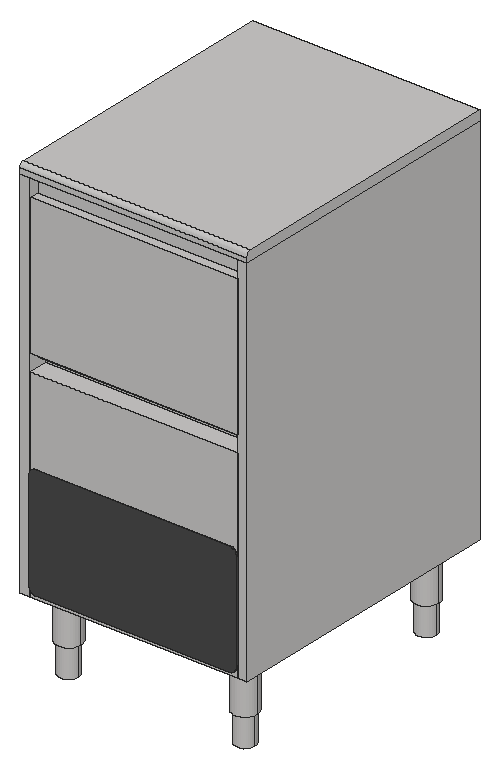
Revit family "QF_ZANUSSI_730288_IGE88I20SNP", category Attrezzature speciali, Revit 2018
Family settings
  Quota connettore circolare = Usa diametro
  Tipo di parte = Normale
  Basato su piano di lavoro = No
  Sempre verticale = Sì
  Taglio con vuoti quando caricato = No
  Condiviso = No
  Punto di calcolo locali = No
Parameters (values of type "Standard")
  Weight = 58.00 kg
  Watts = 0 W
  Volts = 220 V
  URL Manufacturer = "http://www.zanussiprofessional.com"
  URL = "http://www.zanussiprofessional.com"
  Steam Supply Size = 0 mm
  Steam Supply Minimum Pressure = 0.0 Pa
  Steam Supply Maximum Pressure = 0.0 Pa
  Steam Pounds per Hour = 0
  Show Logo [instance] = yes
  Show Clearance [instance] = yes
  Refrigeration Suction Line Size = 0 mm
  Refrigeration Liquid Line Size = 0 mm
  Refrigerant Compressor Remote = yes
  Produttore = "Zanussi"
  Phase = 1
  Modello = "IGE88I20SNP"
  Length Actual = 465 mm  # constant formula
  Item Number = "730288"
  Hot Water Size = 0 mm
  Height Actual = 889 mm  # constant formula
  HP = "0 HP"
  Gas Size = 0 mm
  Gas KW = 0
  Gas Input Pressure = 0 W
  Descrizione = "WATER COOLED GRANULAR ICE XS 88KG/24H-BIN 20KG"
  Depth Actual = 595 mm  # constant formula
  Cycle = 50 Hz
  Condensate Return Size = 0 mm
  Compressed Air Volume = 0.0 L/s
  Compressed Air Size = 0 mm
  Compressed Air Pressure = 0.0 Pa
  Cold Water Size = 19.05 mm
  Accessory = yes
Reference planes
  plane 1 "Center X": y = 272.851
  plane 2: z = 0
  plane 3 "Center Y": x = -501.5
  plane 4 "LEFT": x = -734
  plane 5 "RIGHT": x = -269
  plane 6 "FRONT": y = -24.649
  plane 7 "BACK": y = 570.351
  plane 8: z = 155
  plane 9: z = 943
  plane 10: z = 923
  plane 11: x = -714
  plane 12: x = -289
  plane 13: y = 15.351
Forms (mm)
  Extrusion 1, solid, material "QF_Finishes_Black"
    sketch origin (-217.296, -24.649, 371.513) x (-1, 0, 0) y (0, 0, -1)
      loop
        arc (481.704, -21.487) -> (492.311, -17.093) -> (496.704, -6.487) r 15
        line (496.704, -6.487) -> (496.704, 194.469)
        arc (496.704, 194.469) -> (492.311, 205.075) -> (481.704, 209.469) r 15
        line (481.704, 209.469) -> (86.704, 209.469)
        arc (86.704, 209.469) -> (76.097, 205.075) -> (71.704, 194.469) r 15
        line (71.704, 194.469) -> (71.704, -6.487)
        arc (71.704, -6.487) -> (76.097, -17.093) -> (86.704, -21.487) r 15
        line (86.704, -21.487) -> (481.704, -21.487)
    from 0 to 2
  Extrusion 2, solid, material "QF_Finishes_Stainless Steel"
    sketch origin (-501.5, 0, 0) x (0, 1, 0) y (0, 0, 1)
      loop
        line (570.351, 923) -> (570.351, 943) -> (-14.649, 943)
        arc (-14.649, 943) -> (-21.72, 940.071) -> (-24.649, 933) r 10
        line (-24.649, 933) -> (-24.649, 923) -> (570.351, 923)
    from -232.5 to 232.5
  Extrusion 3, solid, material "QF_Finishes_Stainless Steel"
    sketch origin (-321.2, 570.351, -329.545) x (1, 0, 0) y (0, 0, -1)
      loop
        circle (-16.8, -655.545) r 10
    from 0 to 10
  Extrusion 4, solid, material "QF_Finishes_Stainless Steel"
    sketch origin (0, 0, 0) x (1, 0, 0) y (0, 1, 0)
      loop
        line (-734, 570.351) -> (-734, -24.649) -> (-714, -24.649) -> (-714, 570.351) -> (-734, 570.351)
    from 155 to 923
  Extrusion 5, solid, material "QF_Finishes_Stainless Steel"
    sketch origin (0, 0, 0) x (1, 0, 0) y (0, 1, 0)
      loop
        line (-289, 570.351) -> (-289, -24.649) -> (-269, -24.649) -> (-269, 570.351) -> (-289, 570.351)
    from 155 to 923
  Extrusion 6, solid, material "QF_Finishes_Stainless Steel"
    sketch origin (0, 0, 0) x (1, 0, 0) y (0, 1, 0)
      loop
        line (-714, 570.351) -> (-714, 15.351) -> (-289, 15.351) -> (-289, 570.351) -> (-714, 570.351)
    from 155 to 923
  Extrusion 7, solid, material "QF_Finishes_Stainless Steel"
    sketch origin (0, 0, 0) x (1, 0, 0) y (0, 1, 0)
      loop
        line (-714, -24.649) -> (-289, -24.649) -> (-289, 15.351) -> (-714, 15.351) -> (-714, -24.649)
    from 155 to 567.953
  Extrusion 8, solid, material "QF_Finishes_Stainless Steel"
    sketch origin (-501.5, 0, 0) x (0, 1, 0) y (0, 0, 1)
      loop
        line (15.351, 923) -> (-4.649, 923) -> (-4.649, 887) -> (-24.649, 887) -> (-24.649, 601.652) -> (-4.649, 601.652) -> (-4.649, 586.652) -> (15.351, 586.652) -> (15.351, 923)
    from -212.5 to 212.5
  Extrusion 9, solid, material "QF_Finishes_Stainless Steel"
    sketch origin (-303.2, 570.351, -440.545) x (1, 0, 0) y (0, 0, -1)
      loop
        circle (-16.8, -655.545) r 10
    from 0 to 10
  Extrusion 10, solid, material "QF_Finishes_Stainless Steel"
    sketch origin (-363.2, 570.351, -361.545) x (1, 0, 0) y (0, 0, -1)
      loop
        circle (-16.8, -655.545) r 10
    from 0 to 10
Lines and regions (mm)
  Split face 1
    outline origin (-501.5, -4.649, 923) x (0, 0, -1) y (1, 0, 0)
      loop
        line (5.715, 89.928) -> (30.715, 89.928) -> (30.715, 129.928) -> (5.715, 129.928) -> (5.715, 89.928)
  symbolic lines
    curve 1: line (-734, 570.351, 0) -> (-269, 570.351, 0)
    curve 2: line (-734, -24.649, 0) -> (-734, 570.351, 0)
    curve 3: line (-269, -24.649, 0) -> (-734, -24.649, 0)
    curve 4: line (-269, 570.351, 0) -> (-269, -24.649, 0)
Dimensions and locks
  equal spacing: plane 4 "LEFT", plane 3 "Center Y", plane 5 "RIGHT"
  plane 4 "LEFT" to plane 5 "RIGHT" = 465 mm
  equal spacing: plane 7 "BACK", plane 1 "Center X", plane 6 "FRONT"
  plane 7 "BACK" to plane 6 "FRONT" = 595 mm
  plane 8 to plane 2 = 155 mm
  plane 9 to plane 8 = 788 mm
  locked: plane 4 "LEFT" to plane 11 at 20
  locked: plane 12 to plane 5 "RIGHT" at 20
  locked: plane 9 to plane 10 at 20
  locked: plane 13 to plane 6 "FRONT" at 40
  aligned and locked: level to plane 2
  aligned and locked: plane 5 "RIGHT" to Extrusion 2
  aligned and locked: Extrusion 2 to plane 4 "LEFT"
  aligned and locked: Extrusion 4 sketch curve to Extrusion 2  (x2)
  aligned and locked: plane 6 "FRONT" to Extrusion 4 sketch curve
  aligned and locked: Extrusion 4 sketch curve to plane 11
  aligned and locked: Extrusion 5 sketch curve to plane 7 "BACK"
  aligned and locked: plane 12 to Extrusion 5 sketch curve
  aligned and locked: Extrusion 5 sketch curve to Extrusion 2  (x2)
  aligned and locked: plane 10 to Extrusion 4
  aligned and locked: plane 10 to Extrusion 5
  aligned and locked: Extrusion 4 to plane 8
  aligned and locked: Extrusion 5 to plane 8
  aligned and locked: Extrusion 6 sketch curve to Extrusion 4
  aligned and locked: Extrusion 4 to Extrusion 6 sketch curve
  aligned and locked: plane 13 to Extrusion 6 sketch curve
  aligned and locked: Extrusion 6 sketch curve to plane 12
  aligned and locked: plane 10 to Extrusion 6
  aligned and locked: Extrusion 6 to plane 8
  aligned and locked: Extrusion 4 to Extrusion 7 sketch curve
  aligned and locked: Extrusion 7 sketch curve to Extrusion 4
  aligned and locked: plane 13 to Extrusion 7 sketch curve
  aligned and locked: plane 12 to Extrusion 7 sketch curve
  aligned and locked: Extrusion 7 to plane 8
  aligned and locked: plane 12 to Extrusion 8
  aligned and locked: Extrusion 8 to plane 11
Automatic sketch dimensions
  curve 3 to plane 4 "LEFT" = 0 mm
  curve 3 to plane 5 "RIGHT" = 0 mm
  curve 3 to plane 6 "FRONT" = 0 mm
  curve 2 to plane 7 "BACK" = 0 mm
  Extrusion 1 sketch curve to plane 12 = 0 mm
  plane 8 to Extrusion 1 sketch curve = 7.044 mm
  Extrusion 1 sketch curve to Extrusion 1 sketch curve = 15 mm  (x3)
  plane 11 to Extrusion 1 sketch curve = 15 mm  (x2)
  Extrusion 1 sketch curve to Extrusion 1 sketch curve = 200.956 mm
  Extrusion 2 sketch curve to plane 6 "FRONT" = 0 mm
  Extrusion 2 sketch curve to plane 9 = 0 mm
  Extrusion 2 sketch curve to plane 7 "BACK" = 0 mm
  Extrusion 2 sketch curve to plane 10 = 0 mm
  plane 6 "FRONT" to Extrusion 2 sketch curve = 10 mm
  Extrusion 6 to Extrusion 3 sketch curve = 171 mm
  Extrusion 3 sketch curve to Extrusion 6 = 49 mm
  Split face 1 sketch curve to Extrusion 8 = 5.715 mm
  Extrusion 8 to Split face 1 sketch curve = 5.285 mm
  Split face 1 sketch curve to Extrusion 8 = 122.572 mm
  Split face 1 sketch curve to Split face 1 sketch curve = 40 mm
  Extrusion 9 sketch curve to Extrusion 6 = 31 mm
  Extrusion 6 to Extrusion 9 sketch curve = 60 mm
  Extrusion 10 sketch curve to Extrusion 6 = 91 mm
  Extrusion 6 to Extrusion 10 sketch curve = 139 mm
  Extrusion 8 sketch curve to plane 6 "FRONT" = 0 mm
  Extrusion 8 sketch curve to plane 10 = 0 mm
  Extrusion 8 sketch curve to plane 13 = 0 mm
  plane 6 "FRONT" to Extrusion 8 sketch curve = 20 mm
  Extrusion 8 sketch curve to Extrusion 8 sketch curve = 20 mm
  Extrusion 8 sketch curve to plane 10 = 36 mm
  Extrusion 8 sketch curve to Extrusion 8 sketch curve = 285.348 mm
  Extrusion 8 sketch curve to Extrusion 8 sketch curve = 15 mm
  radius of Extrusion 3 sketch curve = 10 mm
  radius of Extrusion 9 sketch curve = 10 mm
  radius of Extrusion 10 sketch curve = 10 mm
Nested families
  nested 1: "Foot_Complete" at (-682, 35.351, 0), type "Foot_Complete"
    with H 155 mm
  nested 2: "Foot_Complete" at (-321, 35.351, 0) x (-1, 0, 0) z (0, 0, 1), type "Foot_Complete"
    with H 155 mm
  nested 3: "Foot_Complete" at (-682, 499.351, 0), type "Foot_Complete"
    with H 155 mm
  nested 4: "Foot_Complete" at (-321, 499.351, 0) x (-1, 0, 0) z (0, 0, 1), type "Foot_Complete"
    with H 155 mm
Connectors
  electrical at (-320, 580.351, 215), driven by "Volts"
    settings: on Extrusion 9, index 1, voltage 220 V, apparent load 0 VA, apparent load phase1 0 VA, apparent load phase2 0 VA, apparent load phase3 0 VA, power factor 1, load classification "Altro", number of poles 1, system type 30, power factor state 1, is connector primary yes, connector utility no, sub classification motor no, connector description "Electrical Connection"
  piping at (-338, 580.351, 326), diameter 20
    settings: on Extrusion 3, index 2, connector inside diameter 609.6 mm, connector length 0 mm, flow factor 0, pipe flow 0.0 L/s, pressure drop 0.0 Pa, fitting loss kfactor 0, connector angle 0.00°, fixture units 0, engagement length 0 mm, angle of deflection 0.00°, flow configuration 0, flow direction 0, fitting loss method 0, system type 20, joint type 0, gender type 0, connector reference index -1, connector utility 0, adjustable connector no, is connector primary yes, connector description "Cold water"
  piping at (-380, 580.351, 294), diameter 20
    settings: on Extrusion 10, index 3, connector inside diameter 609.6 mm, connector length 0 mm, flow factor 0, pipe flow 0.0 L/s, pressure drop 0.0 Pa, fitting loss kfactor 0, connector angle 0.00°, fixture units 0, engagement length 0 mm, angle of deflection 0.00°, flow configuration 0, flow direction 0, fitting loss method 0, system type 16, joint type 0, gender type 0, connector reference index -1, connector utility 0, adjustable connector no, is connector primary no, connector description "Drain"
Definition of nested family "Foot_Complete"
  Parameters (values of type "Foot_Complete")
    R = 25 mm
    H = 153 mm
  Reference planes
    plane 1 "Centro (Fronte/Retro)": y = 0
    plane 2: z = 0
    plane 3 "Centro (Sinistra/Destra)": x = 0
    plane 4: z = 153
  Forms (mm)
    Revolve 1, solid
      sketch origin (255.05, 0, 608.09) x (0, 0, 1) y (-1, 0, 0)
        loop
          line (-608.09, 255.05) -> (-608.09, 235.05) -> (-548.09, 235.05) -> (-548.09, 230.05) -> (-455.09, 230.05) -> (-455.09, 255.05) -> (-608.09, 255.05)
        axis (-608.09, 255.05) -> (-455.09, 255.05)
      angle from 0 to 360
  Dimensions and locks
    level to Revolve 1 sketch curve = 60 mm
    "R": Revolve 1 sketch curve to plane 3 "Centro (Sinistra/Destra)"
    "H": plane 4 to level
    aligned and locked: level to plane 2
    aligned and locked: plane 4 to Revolve 1 sketch curve
    aligned and locked: Revolve 1 sketch curve to level
    aligned and locked: plane 3 "Centro (Sinistra/Destra)" to Revolve 1 sketch curve
  Automatic sketch dimensions
    Revolve 1 sketch curve to plane 3 "Centro (Sinistra/Destra)" = 0 mm
    plane 3 "Centro (Sinistra/Destra)" to Revolve 1 sketch curve = 20 mm
    Revolve 1 sketch curve to Revolve 1 sketch curve = 50 mm
    Revolve 1 sketch curve to Revolve 1 sketch curve = 20 mm
